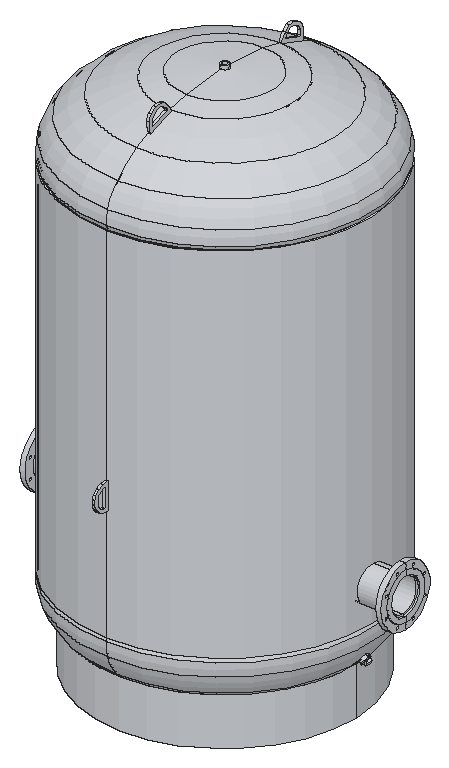
Revit family "CBT-850-6", category Generic Models, Revit 2014
Parameters (values of type "CBT-850-6")
  URL = "http://westank.com/"
  Tank Volume = 850.00 gal
  Part number = 55540850
  Model = "CBT-850-6"
  Maximum Shipping Weight = 1945 lbf
  Flange Connector Diameter = 6"
  Description = "Wessels ASME Chilled Water Buffer Tanks (CBT) are designed for chilled water systems with insufficient water volume capacity in relation to the chiller capacity."
  D = 23"
  C = 48"
  B = 97.99632"
  A = 54"
Reference planes (in)
  plane 1 "Center (Front/Back)": y = 0
  plane 2: z = 0
  plane 3 "Center (Left/Right)": x = 0
  plane 4: through (12.55282, -180, 5.24135) normal (0.8192, 0, -0.5736)
  plane 5: z = 0
  plane 6: x = -0.0258
  plane 7: x = -27
  plane 8: x = 27
  plane 9: x = -24
  plane 10: x = 24
  plane 11: z = 23
  plane 12: z = 97.99632
Forms (in)
  Revolve 1, solid
    sketch origin (0, -0.02461, 0) x (0, 1, 0) y (0, 0, 1)
      loop
        line (-26.97539, 16.49984) -> (-26.66078, 16.49984)
        arc (-26.66078, 16.49984) -> (-26.66309, 16.48381) -> (-26.66631, 16.46794) r 0.28141
        line (-26.66631, 16.46794) -> (-26.97466, 15.74151)
        arc (-26.97466, 15.74151) -> (-26.94018, 14.43758) -> (-26.668, 13.16191) r 7.10755
        arc (-26.668, 13.16191) -> (-25.77999, 11.13462) -> (-24.46831, 9.35194) r 10.01278
        arc (-24.46831, 9.35194) -> (-22.3909, 7.47847) -> (-20.00612, 6.01615) r 15.24472
        arc (-20.00612, 6.01615) -> (-17.66278, 4.91715) -> (-15.27807, 3.91108) r 65.85395
        arc (-15.27807, 3.91108) -> (-11.82013, 2.79593) -> (-8.24342, 2.15715) r 26.88855
        arc (-8.24342, 2.15715) -> (-4.34631, 1.67267) -> (-0.42253, 1.5111) r 47.59849
        arc (-0.42253, 1.5111) -> (-0.19896, 1.51161) -> (0.02461, 1.51099) r 43.89739
        line (0.02461, 1.51099) -> (0.02461, 1.86256)
        arc (0.02461, 1.86256) -> (-0.1994, 1.86318) -> (-0.4234, 1.86266) r 44.24896
        arc (-0.4234, 1.86266) -> (-4.32269, 2.02348) -> (-8.19539, 2.50555) r 47.24693
        arc (-8.19539, 2.50555) -> (-11.73033, 3.13587) -> (-15.14781, 4.23762) r 26.53699
        arc (-15.14781, 4.23762) -> (-17.51979, 5.23832) -> (-19.85062, 6.33145) r 65.50239
        arc (-19.85062, 6.33145) -> (-22.1804, 7.76005) -> (-24.2099, 9.59031) r 14.89316
        arc (-24.2099, 9.59031) -> (-25.47553, 11.3104) -> (-26.33236, 13.26651) r 9.66121
        arc (-26.33236, 13.26651) -> (-26.58754, 14.44985) -> (-26.62745, 15.65974) r 6.75598
        line (-26.62745, 15.65974) -> (-26.34269, 16.33057) -> (-26.2939, 16.53412) -> (-26.668, 16.53412) -> (-26.668, 82.97318) -> (-26.2939, 82.97318) -> (-26.34269, 83.17673) -> (-26.62745, 83.84756)
        arc (-26.62745, 83.84756) -> (-26.58754, 85.05744) -> (-26.33236, 86.24078) r 6.75598
        arc (-26.33236, 86.24078) -> (-25.47553, 88.1969) -> (-24.2099, 89.91698) r 9.66121
        arc (-24.2099, 89.91698) -> (-22.1804, 91.74725) -> (-19.85062, 93.17585) r 14.89316
        arc (-19.85062, 93.17585) -> (-17.51979, 94.26898) -> (-15.14781, 95.26968) r 65.50239
        arc (-15.14781, 95.26968) -> (-11.73033, 96.37143) -> (-8.19539, 97.00175) r 26.53699
        arc (-8.19539, 97.00175) -> (-4.10161, 97.54879) -> (0.02461, 97.72943) r 46.37627
        line (0.02461, 97.72943) -> (0.02461, 97.9963)
        arc (0.02461, 97.9963) -> (-0.19896, 97.99568) -> (-0.42253, 97.9962) r 43.89739
        arc (-0.42253, 97.9962) -> (-4.5967, 97.81991) -> (-8.73807, 97.26869) r 46.37627
        arc (-8.73807, 97.26869) -> (-10.60403, 96.89443) -> (-12.45302, 96.4438) r 46.28995
        arc (-12.45302, 96.4438) -> (-16.3131, 95.18115) -> (-20.00612, 93.49115) r 35.94821
        arc (-20.00612, 93.49115) -> (-22.3909, 92.02883) -> (-24.46831, 90.15536) r 15.24472
        arc (-24.46831, 90.15536) -> (-25.77999, 88.37268) -> (-26.668, 86.34538) r 10.01278
        arc (-26.668, 86.34538) -> (-26.94018, 85.06972) -> (-26.97466, 83.76579) r 7.10755
        line (-26.97466, 83.76579) -> (-26.66631, 83.03936)
        arc (-26.66631, 83.03936) -> (-26.66309, 83.02349) -> (-26.66078, 83.00745) r 0.28141
        line (-26.66078, 83.00745) -> (-26.97539, 83.00745) -> (-26.97539, 16.49984)
      axis (0.02461, 1.51099) -> (0.02461, 97.9963)
    angle from 0 to 360
  Revolve 2, solid
    sketch origin (0.05289, 0, -12.12844) x (0.999568, 0, -0.02939) y (0.02939, 0, 0.999568)
      loop
        line (24.95603, 23.79747) -> (24.90436, 23.83351) -> (24.49286, 23.24353) -> (25.10843, 22.81419) -> (25.48438, 23.35322) -> (25.43312, 23.38897) -> (25.55755, 23.56737) -> (25.04492, 23.92491) -> (24.95603, 23.79747)
      axis (24.49286, 23.24353) -> (25.10843, 22.81419)
    angle from 0 to 360
  Extrusion 3, solid
    sketch origin (25.28043, -180, 10.9329) x (0.595927, 0, 0.803038) y (0, -1, 0)
      loop
        line (-0.16036, -179.52645) -> (-0.95521, -179.68698) -> (-0.79485, -180.48095) -> (0, -180.32042) -> (-0.16036, -179.52645)
    from 1.02698 to 1.52678
  Extrusion 4, solid
    sketch origin (0, -15.00821, 15.98097) x (0, 1, 0) y (0, 0, 1)
      loop
        line (-11.93439, 21.33067) -> (-11.93439, 26.202)
        arc (-11.93439, 26.202) -> (-12.47846, 26.15164) -> (-13.01533, 26.05008) r 5.77422
        arc (-13.01533, 26.05008) -> (-13.49297, 25.89754) -> (-13.94252, 25.67548) r 3.35288
        arc (-13.94252, 25.67548) -> (-14.34081, 25.36666) -> (-14.64962, 24.96837) r 2.0073
        arc (-14.64962, 24.96837) -> (-14.80343, 24.58932) -> (-14.88788, 24.18906) r 2.30742
        arc (-14.88788, 24.18906) -> (-14.91277, 23.77188) -> (-14.88788, 23.3547) r 3.50846
        arc (-14.88788, 23.3547) -> (-14.79412, 22.92876) -> (-14.61961, 22.52904) r 2.24053
        arc (-14.61961, 22.52904) -> (-14.27401, 22.08806) -> (-13.80999, 21.77406) r 1.8078
        arc (-13.80999, 21.77406) -> (-13.34321, 21.55591) -> (-12.84107, 21.44044) r 2.44481
        arc (-12.84107, 21.44044) -> (-12.39043, 21.36326) -> (-11.93439, 21.33067) r 4.65484
      loop
        arc (-12.44611, 25.63929) -> (-12.67227, 25.60073) -> (-12.89654, 25.55235) r 5.2625
        arc (-12.89654, 25.55235) -> (-13.30128, 25.42308) -> (-13.68221, 25.23491) r 2.84116
        arc (-13.68221, 25.23491) -> (-13.97364, 25.01013) -> (-14.20134, 24.72098) r 1.49558
        arc (-14.20134, 24.72098) -> (-14.3163, 24.43235) -> (-14.37979, 24.12821) r 1.7957
        arc (-14.37979, 24.12821) -> (-14.40106, 23.77188) -> (-14.37979, 23.41555) r 2.99674
        arc (-14.37979, 23.41555) -> (-14.30745, 23.08689) -> (-14.17279, 22.77846) r 1.72881
        arc (-14.17279, 22.77846) -> (-13.91552, 22.45353) -> (-13.56884, 22.22643) r 1.29608
        arc (-13.56884, 22.22643) -> (-13.1779, 22.0402) -> (-12.75531, 21.94566) r 1.9331
        arc (-12.75531, 21.94566) -> (-12.60126, 21.91347) -> (-12.44611, 21.88716) r 4.14312
        line (-12.44611, 21.88716) -> (-12.44611, 25.63929)
    from -0.24366 to 0.25634
  Extrusion 5, solid
    sketch origin (0, -33.88542, 77.23871) x (0, 0.319235, -0.947675) y (0, 0.947675, 0.319235)
      loop
        arc (-11.9298, 25.67102) -> (-12.15596, 25.63246) -> (-12.38023, 25.58408) r 5.2625
        arc (-12.38023, 25.58408) -> (-12.78497, 25.45482) -> (-13.16591, 25.26664) r 2.84116
        arc (-13.16591, 25.26664) -> (-13.45733, 25.04186) -> (-13.68503, 24.75271) r 1.49558
        arc (-13.68503, 24.75271) -> (-13.8, 24.46408) -> (-13.86349, 24.15994) r 1.7957
        arc (-13.86349, 24.15994) -> (-13.88475, 23.80361) -> (-13.86349, 23.44728) r 2.99674
        arc (-13.86349, 23.44728) -> (-13.79114, 23.11862) -> (-13.65649, 22.81019) r 1.72881
        arc (-13.65649, 22.81019) -> (-13.39922, 22.48527) -> (-13.05253, 22.25816) r 1.29608
        arc (-13.05253, 22.25816) -> (-12.66159, 22.07193) -> (-12.239, 21.97739) r 1.9331
        arc (-12.239, 21.97739) -> (-12.08496, 21.94521) -> (-11.9298, 21.91889) r 4.14312
        line (-11.9298, 21.91889) -> (-11.9298, 25.67102)
      loop
        line (-10.9298, 21.34797) -> (-10.9298, 26.14148)
        arc (-10.9298, 26.14148) -> (-11.99706, 26.18465) -> (-13.02719, 25.90227) r 3.48194
        arc (-13.02719, 25.90227) -> (-13.54727, 25.6041) -> (-13.99851, 25.20943) r 3.03185
        arc (-13.99851, 25.20943) -> (-14.28248, 24.55653) -> (-14.39992, 23.8543) r 2.91879
        arc (-14.39992, 23.8543) -> (-14.3348, 23.1787) -> (-14.08611, 22.54717) r 2.44012
        arc (-14.08611, 22.54717) -> (-13.716, 22.08641) -> (-13.21844, 21.76749) r 1.83162
        arc (-13.21844, 21.76749) -> (-12.09799, 21.42749) -> (-10.9298, 21.34797) r 5.1769
    from -0.24366 to 0.25634
  Extrusion 6, solid
    sketch origin (0, 0, 0) x (1, 0, 0) y (0, 1, 0)
      loop
        circle (0, 0) r 0.75
      loop
        circle (0, 0) r 0.5
    from 97.72713 to 98.49629
  Extrusion 7, void
    sketch origin (0, 0, 0) x (1, 0, 0) y (0, 1, 0)
      loop
        circle (0, 0) r 0.5
    from 97.27456 to 99.34734
  Revolve 8, solid
    sketch origin (0, 0, 0) x (1, 0, 0) y (0, 0, 1)
      loop
        line (23.85455, 8.74984) -> (23.85455, 0) -> (23.99808, 0) -> (23.99808, 8.74984) -> (23.85455, 8.74984)
      axis (0, 8.74984) -> (0, 0)
    angle from 0 to 360
  Extrusion 9, void
    sketch origin (0, 0, 0.25) x (0, 1, 0) y (0, 0, 1)
      loop
        circle (0, 22.75) r 3.03266
    from -31.75655 to 32.4227
  Extrusion 10, solid
    sketch origin (0, 33.88542, 77.23871) x (0, -0.319235, -0.947675) y (0, 0.947675, -0.319235)
      loop
        line (-11.9298, -25.67102) -> (-11.9298, -21.91889)
        arc (-11.9298, -21.91889) -> (-12.08496, -21.94521) -> (-12.239, -21.97739) r 4.14312
        arc (-12.239, -21.97739) -> (-12.66159, -22.07193) -> (-13.05253, -22.25816) r 1.9331
        arc (-13.05253, -22.25816) -> (-13.39922, -22.48527) -> (-13.65649, -22.81019) r 1.29608
        arc (-13.65649, -22.81019) -> (-13.79114, -23.11862) -> (-13.86349, -23.44728) r 1.72881
        arc (-13.86349, -23.44728) -> (-13.88475, -23.80361) -> (-13.86349, -24.15994) r 2.99674
        arc (-13.86349, -24.15994) -> (-13.8, -24.46408) -> (-13.68503, -24.75271) r 1.7957
        arc (-13.68503, -24.75271) -> (-13.45733, -25.04186) -> (-13.16591, -25.26664) r 1.49558
        arc (-13.16591, -25.26664) -> (-12.78497, -25.45482) -> (-12.38023, -25.58408) r 2.84116
        arc (-12.38023, -25.58408) -> (-12.15596, -25.63246) -> (-11.9298, -25.67102) r 5.2625
      loop
        arc (-10.9298, -21.34797) -> (-12.09799, -21.42749) -> (-13.21844, -21.76749) r 5.1769
        arc (-13.21844, -21.76749) -> (-13.716, -22.08641) -> (-14.08611, -22.54717) r 1.83162
        arc (-14.08611, -22.54717) -> (-14.3348, -23.1787) -> (-14.39992, -23.8543) r 2.44012
        arc (-14.39992, -23.8543) -> (-14.28248, -24.55653) -> (-13.99851, -25.20943) r 2.91879
        arc (-13.99851, -25.20943) -> (-13.54727, -25.6041) -> (-13.02719, -25.90227) r 3.03185
        arc (-13.02719, -25.90227) -> (-11.99706, -26.18465) -> (-10.9298, -26.14148) r 3.48194
        line (-10.9298, -26.14148) -> (-10.9298, -21.34797)
    from -0.24366 to 0.25634
  Revolve 11, solid
    sketch origin (-3.00177, 0, 1.25063) x (-1, 0, 0) y (0, 0, 1)
      loop
        line (28.43827, 18.43777) -> (28.43827, 17.96852) -> (29.00077, 17.96852) -> (29.00077, 16.24955) -> (29.93827, 16.24955) -> (29.93827, 17.49936) -> (30.00086, 17.49936) -> (30.00086, 18.43777) -> (28.43827, 18.43777)
      axis (30.00086, 21.74937) -> (28.43827, 21.74937)
    angle from 0 to 360
  Revolve 12, solid
    sketch origin (-3.60333, 0, 1.22133) x (1, 0, 0) y (0, 0, 1)
      loop
        line (-28.89921, 18.746) -> (-28.89921, 18.46617) -> (-21.89921, 18.46617) -> (-21.89921, 18.746) -> (-28.89921, 18.746)
      axis (-28.89921, 21.77867) -> (-21.89921, 21.77867)
    angle from 0 to 360
  Extrusion 13, void
    sketch origin (0, 0, 0) x (0, 1, 0) y (0, 0, 1)
      loop
        circle (1.82465, 27.40008) r 0.38686
      loop
        circle (1.82465, 18.59992) r 0.38686
      loop
        circle (-1.82465, 27.40008) r 0.38686
      loop
        circle (-1.82465, 18.59992) r 0.38686
      loop
        circle (4.38432, 24.82196) r 0.38686
      loop
        circle (4.39214, 21.18133) r 0.38686
      loop
        circle (-4.38432, 24.82196) r 0.38686
      loop
        circle (-4.39214, 21.18133) r 0.38686
    from -33.83575 to -30.82973
  Revolve 14, solid
    sketch origin (3.00177, 0, 1.25063) x (1, 0, 0) y (0, 0, 1)
      loop
        line (28.43827, 18.43777) -> (28.43827, 17.96852) -> (29.00077, 17.96852) -> (29.00077, 16.24955) -> (29.93827, 16.24955) -> (29.93827, 17.49936) -> (30.00086, 17.49936) -> (30.00086, 18.43777) -> (28.43827, 18.43777)
      axis (30.00086, 21.74937) -> (28.43827, 21.74937)
    angle from 0 to 360
  Revolve 15, solid
    sketch origin (3.60333, 0, 1.22133) x (-1, 0, 0) y (0, 0, 1)
      loop
        line (-28.89921, 18.746) -> (-28.89921, 18.46617) -> (-21.89921, 18.46617) -> (-21.89921, 18.746) -> (-28.89921, 18.746)
      axis (-28.89921, 21.77867) -> (-21.89921, 21.77867)
    angle from 0 to 360
  Extrusion 16, void
    sketch origin (0, 0, 0) x (0, 1, 0) y (0, 0, -1)
      loop
        circle (1.82465, -27.40008) r 0.38686
      loop
        circle (1.82465, -18.59992) r 0.38686
      loop
        circle (-1.82465, -27.40008) r 0.38686
      loop
        circle (-1.82465, -18.59992) r 0.38686
      loop
        circle (4.38432, -24.82196) r 0.38686
      loop
        circle (4.39214, -21.18133) r 0.38686
      loop
        circle (-4.38432, -24.82196) r 0.38686
      loop
        circle (-4.39214, -21.18133) r 0.38686
    from -33.83575 to -30.82973
Cuts and joins
  joined: Extrusion 3, Extrusion 4, Extrusion 5, Extrusion 6, Revolve 8
  Extrusion 7, Extrusion 9 cuts Revolve 1
  Extrusion 13, Extrusion 16 cuts Revolve 11
  Extrusion 16 cuts Revolve 14
Dimensions and locks (in)
  "A": plane 8 to plane 7
  "C": plane 10 to plane 9
  "D": plane 11 to level
  "B": plane 12 to level
  aligned and locked: plane 2 to level
Automatic sketch dimensions
  plane 10 to Revolve 2 sketch curve = 1.21829"
  plane 4 to Revolve 2 sketch curve = 7.42455"
  Revolve 2 sketch curve to Revolve 2 sketch curve = 0.4115"
  Revolve 2 sketch curve to Revolve 2 sketch curve = 0.05167"
  Revolve 2 sketch curve to Revolve 2 sketch curve = 0.08888"
  Revolve 2 sketch curve to Revolve 2 sketch curve = 0.61556"
  Revolve 2 sketch curve to Revolve 2 sketch curve = 0.47709"
  Revolve 2 sketch curve to Revolve 2 sketch curve = 0.05126"
  Revolve 2 sketch curve to Revolve 2 sketch curve = 0.42934"
  Revolve 2 sketch curve to Revolve 2 sketch curve = 0.12768"
  Revolve 2 sketch curve to Revolve 2 sketch curve = 0"  (x2)
  Revolve 2 sketch curve to Revolve 2 sketch curve = 0.08905"
  plane 1 "Center (Front/Back)" to Extrusion 3 sketch curve = 0.31302"
  Extrusion 3 sketch curve to plane 1 "Center (Front/Back)" = 0.48095"
  Extrusion 3 sketch curve to Extrusion 3 sketch curve = 0.16036"  (x2)
  plane 1 "Center (Front/Back)" to Extrusion 3 sketch curve = 0.47355"
  Extrusion 3 sketch curve to Extrusion 3 sketch curve = 0.79485"
  Extrusion 3 sketch curve to plane 1 "Center (Front/Back)" = 0.32042"
  Extrusion 4 sketch curve to Extrusion 4 sketch curve = 0"  (x24)
  plane 1 "Center (Front/Back)" to Extrusion 4 sketch curve = 28.04931"
  Extrusion 4 sketch curve to Extrusion 4 sketch curve = 0.11966"
  Extrusion 4 sketch curve to Extrusion 4 sketch curve = 0.25819"
  Extrusion 4 sketch curve to Extrusion 4 sketch curve = 17/256"
  Extrusion 4 sketch curve to Extrusion 4 sketch curve = 0.04958"
  Extrusion 4 sketch curve to Extrusion 4 sketch curve = 0.15073"
  Extrusion 4 sketch curve to Extrusion 4 sketch curve = 0.20915"
  Extrusion 4 sketch curve to Extrusion 4 sketch curve = 131/256"
  Extrusion 4 sketch curve to Extrusion 4 sketch curve = 0.10338"
  Extrusion 4 sketch curve to Extrusion 4 sketch curve = 0.25955"
  Extrusion 4 sketch curve to Extrusion 4 sketch curve = 1.14294"
  plane 11 to Extrusion 4 sketch curve = 13.41459"
  Extrusion 4 sketch curve to Extrusion 4 sketch curve = 0.89706"
  Extrusion 4 sketch curve to Extrusion 4 sketch curve = 0.55648"
  Extrusion 4 sketch curve to Extrusion 4 sketch curve = 0.90165"
  Extrusion 4 sketch curve to Extrusion 4 sketch curve = 0.62139"
  Extrusion 4 sketch curve to Extrusion 4 sketch curve = 27/128"
  Extrusion 4 sketch curve to Extrusion 4 sketch curve = 0.15076"
  Extrusion 4 sketch curve to Extrusion 4 sketch curve = 0.24641"
  Extrusion 4 sketch curve to Extrusion 4 sketch curve = 0.04716"
  Extrusion 4 sketch curve to Extrusion 4 sketch curve = 0.0326"
  Extrusion 4 sketch curve to Extrusion 4 sketch curve = 1.7246"
  Extrusion 4 sketch curve to Extrusion 4 sketch curve = 0.34507"
  Extrusion 4 sketch curve to Extrusion 4 sketch curve = 0.21764"
  Extrusion 4 sketch curve to Extrusion 4 sketch curve = 1.12273"
  Extrusion 4 sketch curve to Extrusion 4 sketch curve = 0.78568"
  Extrusion 4 sketch curve to Extrusion 4 sketch curve = 0.24115"
  Extrusion 4 sketch curve to Extrusion 4 sketch curve = 0.2603"
  Extrusion 4 sketch curve to Extrusion 4 sketch curve = 0.60395"
  Extrusion 4 sketch curve to Extrusion 4 sketch curve = 0.51913"
  Extrusion 4 sketch curve to Extrusion 4 sketch curve = 0.44682"
  Extrusion 4 sketch curve to Extrusion 4 sketch curve = 0.44829"
  Extrusion 6 sketch curve to Extrusion 6 sketch curve = 0"  (x2)
  plane 1 "Center (Front/Back)" to Extrusion 6 sketch curve = 0"
  Extrusion 6 sketch curve to plane 3 "Center (Left/Right)" = 0"
  Extrusion 7 sketch curve to Extrusion 7 sketch curve = 0"  (x2)
  plane 1 "Center (Front/Back)" to Extrusion 7 sketch curve = 0"
  Extrusion 7 sketch curve to plane 3 "Center (Left/Right)" = 0"
  plane 6 to Extrusion 7 sketch curve = 0.4742"
  Revolve 8 sketch curve to plane 3 "Center (Left/Right)" = 0"
  Revolve 8 sketch curve to level = 0"
  Revolve 8 sketch curve to plane 10 = 0.14545"
  Revolve 8 sketch curve to plane 10 = 0.00192"
  level to Revolve 8 sketch curve = 8.74984"
  level to Revolve 8 sketch curve = 4.69941"
  Revolve 8 sketch curve to Revolve 8 sketch curve = 1"
  Extrusion 9 sketch curve to Extrusion 9 sketch curve = 0"  (x2)
  Extrusion 9 sketch curve to plane 1 "Center (Front/Back)" = 0"
  Extrusion 9 sketch curve to plane 11 = 0"
  Extrusion 9 sketch curve to Extrusion 9 sketch curve = 3.03266"
  Revolve 11 sketch curve to plane 11 = 0"
  plane 7 to Revolve 11 sketch curve = 4.44004"
  Revolve 11 sketch curve to Revolve 11 sketch curve = 9/16"
  Revolve 11 sketch curve to Revolve 11 sketch curve = 15/16"
  Revolve 11 sketch curve to Revolve 11 sketch curve = 0.06259"
  plane 11 to Revolve 11 sketch curve = 3.3116"
  Revolve 11 sketch curve to Revolve 11 sketch curve = 0.46925"
  Revolve 11 sketch curve to Revolve 11 sketch curve = 0.93841"
  Revolve 11 sketch curve to Revolve 11 sketch curve = 1.24981"
  Revolve 11 sketch curve to plane 7 = 41/128"
  Revolve 11 sketch curve to Revolve 11 sketch curve = 0.68278"
  Revolve 12 sketch curve to plane 11 = 0"
  Revolve 12 sketch curve to plane 7 = 5.50254"
  plane 7 to Revolve 12 sketch curve = 1.49746"
  Revolve 12 sketch curve to plane 11 = 3.03266"
  Revolve 12 sketch curve to Revolve 12 sketch curve = 0.27984"
  plane 7 to Revolve 12 sketch curve = 1"
  Revolve 12 sketch curve to Revolve 12 sketch curve = 0.36015"
  Extrusion 13 sketch curve to plane 11 = 1.81867"  (x2)
  plane 1 "Center (Front/Back)" to Extrusion 13 sketch curve = 4.39214"
  Extrusion 13 sketch curve to Extrusion 13 sketch curve = 1/128"  (x2)
  plane 1 "Center (Front/Back)" to Extrusion 13 sketch curve = 1.82465"  (x2)
  Extrusion 13 sketch curve to plane 1 "Center (Front/Back)" = 1.82465"  (x2)
  Extrusion 13 sketch curve to Extrusion 13 sketch curve = 2.55967"
  Extrusion 13 sketch curve to Extrusion 13 sketch curve = 2.58141"  (x2)
  plane 11 to Extrusion 13 sketch curve = 1.82196"  (x2)
  Extrusion 13 sketch curve to Extrusion 13 sketch curve = 2 37/64"  (x2)
  Revolve 14 sketch curve to plane 11 = 0"
  plane 8 to Revolve 14 sketch curve = 4.44004"
  Revolve 14 sketch curve to Revolve 14 sketch curve = 9/16"
  Revolve 14 sketch curve to Revolve 14 sketch curve = 15/16"
  Revolve 14 sketch curve to Revolve 14 sketch curve = 0.06259"
  Revolve 14 sketch curve to plane 11 = 3.3116"
  Revolve 14 sketch curve to Revolve 14 sketch curve = 0.46925"
  Revolve 14 sketch curve to Revolve 14 sketch curve = 0.93841"
  Revolve 14 sketch curve to Revolve 14 sketch curve = 1.24981"
  Revolve 14 sketch curve to plane 8 = 41/128"
  Revolve 14 sketch curve to Revolve 14 sketch curve = 0.68278"
  Revolve 15 sketch curve to plane 11 = 0"
  Revolve 15 sketch curve to plane 8 = 5.50254"
  plane 8 to Revolve 15 sketch curve = 1.49746"
  plane 11 to Revolve 15 sketch curve = 3.03266"
  Revolve 15 sketch curve to Revolve 15 sketch curve = 0.27984"
  plane 8 to Revolve 15 sketch curve = 1"
  Revolve 15 sketch curve to Revolve 15 sketch curve = 0.36015"
  Extrusion 16 sketch curve to plane 11 = 1.81867"  (x2)
  plane 1 "Center (Front/Back)" to Extrusion 16 sketch curve = 4.39214"
  Extrusion 16 sketch curve to Extrusion 16 sketch curve = 1/128"  (x2)
  plane 1 "Center (Front/Back)" to Extrusion 16 sketch curve = 1.82465"  (x2)
  Extrusion 16 sketch curve to plane 1 "Center (Front/Back)" = 1.82465"  (x2)
  Extrusion 16 sketch curve to Extrusion 16 sketch curve = 2.55967"
  plane 11 to Extrusion 16 sketch curve = 1.82196"  (x2)
  Extrusion 16 sketch curve to Extrusion 16 sketch curve = 2 37/64"  (x2)
  Extrusion 16 sketch curve to Extrusion 16 sketch curve = 2.58141"  (x2)
  plane 1 "Center (Front/Back)" to Extrusion 10 sketch curve = 15.66843"
  Extrusion 10 sketch curve to Extrusion 10 sketch curve = 0.03301"
  Extrusion 10 sketch curve to Extrusion 10 sketch curve = 0.08665"
  Extrusion 10 sketch curve to Extrusion 10 sketch curve = 0.34483"
  Extrusion 10 sketch curve to Extrusion 10 sketch curve = 17/256"
  Extrusion 10 sketch curve to Extrusion 10 sketch curve = 0.04958"
  Extrusion 10 sketch curve to Extrusion 10 sketch curve = 0.06885"
  Extrusion 10 sketch curve to Extrusion 10 sketch curve = 0.15073"
  Extrusion 10 sketch curve to Extrusion 10 sketch curve = 0.36028"
  Extrusion 10 sketch curve to Extrusion 10 sketch curve = 0.06601"
  Extrusion 10 sketch curve to Extrusion 10 sketch curve = 0.11815"
  Extrusion 10 sketch curve to Extrusion 10 sketch curve = 0.47821"
  Extrusion 10 sketch curve to Extrusion 10 sketch curve = 0.6151"
  Extrusion 10 sketch curve to Extrusion 10 sketch curve = 0.15011"
  Extrusion 10 sketch curve to Extrusion 10 sketch curve = 0.77126"
  Extrusion 10 sketch curve to Extrusion 10 sketch curve = 0.3849"
  Extrusion 10 sketch curve to Extrusion 10 sketch curve = 0.59588"
  Extrusion 10 sketch curve to Extrusion 10 sketch curve = 0.3061"
  Extrusion 10 sketch curve to Extrusion 10 sketch curve = 0.31529"
  Extrusion 10 sketch curve to Extrusion 10 sketch curve = 0.0954"
  Extrusion 10 sketch curve to Extrusion 10 sketch curve = 0.80625"
  Extrusion 10 sketch curve to Extrusion 10 sketch curve = 0.57092"
  Extrusion 10 sketch curve to Extrusion 10 sketch curve = 0.88262"
  Extrusion 10 sketch curve to Extrusion 10 sketch curve = 0.00686"
  Extrusion 10 sketch curve to Extrusion 10 sketch curve = 0.20406"
  Extrusion 10 sketch curve to Extrusion 10 sketch curve = 0.59172"
  Extrusion 10 sketch curve to Extrusion 10 sketch curve = 0.09548"
  Extrusion 10 sketch curve to Extrusion 10 sketch curve = 0.07607"
  Extrusion 10 sketch curve to Extrusion 10 sketch curve = 0.15093"
  Extrusion 10 sketch curve to Extrusion 10 sketch curve = 0.04716"
  Extrusion 10 sketch curve to Extrusion 10 sketch curve = 0.0326"
  Extrusion 10 sketch curve to Extrusion 10 sketch curve = 1.7246"
  Extrusion 10 sketch curve to Extrusion 10 sketch curve = 0.34507"
  Extrusion 10 sketch curve to Extrusion 10 sketch curve = 0.12538"
  Extrusion 10 sketch curve to Extrusion 10 sketch curve = 0.37807"
  Extrusion 10 sketch curve to Extrusion 10 sketch curve = 0"  (x6)
  Extrusion 10 sketch curve to Extrusion 10 sketch curve = 0.1659"
  Extrusion 10 sketch curve to Extrusion 10 sketch curve = 0.13872"
  Extrusion 10 sketch curve to Extrusion 10 sketch curve = 0.42962"
  Extrusion 10 sketch curve to Extrusion 10 sketch curve = 0.51913"
  Extrusion 10 sketch curve to Extrusion 10 sketch curve = 0.31348"
  plane 1 "Center (Front/Back)" to Extrusion 5 sketch curve = 15.66843"
  Extrusion 5 sketch curve to Extrusion 5 sketch curve = 0.03301"
  Extrusion 5 sketch curve to Extrusion 5 sketch curve = 0.08665"
  Extrusion 5 sketch curve to Extrusion 5 sketch curve = 0.34483"
  Extrusion 5 sketch curve to Extrusion 5 sketch curve = 17/256"
  Extrusion 5 sketch curve to Extrusion 5 sketch curve = 0.04958"
  Extrusion 5 sketch curve to Extrusion 5 sketch curve = 0.06885"
  Extrusion 5 sketch curve to Extrusion 5 sketch curve = 0.15073"
  Extrusion 5 sketch curve to Extrusion 5 sketch curve = 0.36028"
  Extrusion 5 sketch curve to Extrusion 5 sketch curve = 0.06601"
  Extrusion 5 sketch curve to Extrusion 5 sketch curve = 0.11815"
  Extrusion 5 sketch curve to Extrusion 5 sketch curve = 0.47821"
  Extrusion 5 sketch curve to Extrusion 5 sketch curve = 0.6151"
  Extrusion 5 sketch curve to Extrusion 5 sketch curve = 0.15011"
  Extrusion 5 sketch curve to Extrusion 5 sketch curve = 0.77126"
  Extrusion 5 sketch curve to Extrusion 5 sketch curve = 0.3849"
  Extrusion 5 sketch curve to Extrusion 5 sketch curve = 0.59588"
  Extrusion 5 sketch curve to Extrusion 5 sketch curve = 0.3061"
  Extrusion 5 sketch curve to Extrusion 5 sketch curve = 0.31529"
  Extrusion 5 sketch curve to Extrusion 5 sketch curve = 0.0954"
  Extrusion 5 sketch curve to Extrusion 5 sketch curve = 0.80625"
  Extrusion 5 sketch curve to Extrusion 5 sketch curve = 0.57092"
  Extrusion 5 sketch curve to Extrusion 5 sketch curve = 0.88262"
  Extrusion 5 sketch curve to Extrusion 5 sketch curve = 0.00686"
  Extrusion 5 sketch curve to Extrusion 5 sketch curve = 0.20406"
  Extrusion 5 sketch curve to Extrusion 5 sketch curve = 0.59172"
  Extrusion 5 sketch curve to Extrusion 5 sketch curve = 0.09548"
  Extrusion 5 sketch curve to Extrusion 5 sketch curve = 0.07607"
  Extrusion 5 sketch curve to Extrusion 5 sketch curve = 0.15093"
  Extrusion 5 sketch curve to Extrusion 5 sketch curve = 0.04716"
  Extrusion 5 sketch curve to Extrusion 5 sketch curve = 0.0326"
  Extrusion 5 sketch curve to Extrusion 5 sketch curve = 1.7246"
  Extrusion 5 sketch curve to Extrusion 5 sketch curve = 0.34507"
  Extrusion 5 sketch curve to Extrusion 5 sketch curve = 0.12538"
  Extrusion 5 sketch curve to Extrusion 5 sketch curve = 0.37807"
  Extrusion 5 sketch curve to Extrusion 5 sketch curve = 0"  (x6)
  Extrusion 5 sketch curve to Extrusion 5 sketch curve = 0.1659"
  Extrusion 5 sketch curve to Extrusion 5 sketch curve = 0.13872"
  Extrusion 5 sketch curve to Extrusion 5 sketch curve = 0.42962"
  Extrusion 5 sketch curve to Extrusion 5 sketch curve = 0.51913"
  Extrusion 5 sketch curve to Extrusion 5 sketch curve = 0.31348"
  Revolve 1 sketch curve to Revolve 1 sketch curve = 0"  (x38)
  Revolve 1 sketch curve to plane 1 "Center (Front/Back)" = 0"  (x3)
  plane 1 "Center (Front/Back)" to Revolve 1 sketch curve = 0.03668"
  plane 1 "Center (Front/Back)" to Revolve 1 sketch curve = 0.23362"  (x2)
  plane 1 "Center (Front/Back)" to Revolve 1 sketch curve = 0.45236"
  plane 1 "Center (Front/Back)" to Revolve 1 sketch curve = 0.57935"
  Revolve 1 sketch curve to Revolve 1 sketch curve = 0.01523"
  plane 1 "Center (Front/Back)" to Revolve 1 sketch curve = 3.2494"
  plane 1 "Center (Front/Back)" to Revolve 1 sketch curve = 5.33981"  (x2)
  Revolve 1 sketch curve to plane 11 = 3.31152"
  Revolve 1 sketch curve to Revolve 1 sketch curve = 7.94787"  (x2)
  Revolve 1 sketch curve to Revolve 1 sketch curve = 3.84561"  (x2)
  Revolve 1 sketch curve to Revolve 1 sketch curve = 2.77366"  (x2)
  Revolve 1 sketch curve to Revolve 1 sketch curve = 6.41156"  (x2)
  Revolve 1 sketch curve to plane 11 = 6.66943"
  Revolve 1 sketch curve to Revolve 1 sketch curve = 0.0488"  (x2)
  Revolve 1 sketch curve to plane 11 = 7.34026"
  Revolve 1 sketch curve to Revolve 1 sketch curve = 0.28475"  (x2)
  Revolve 1 sketch curve to Revolve 1 sketch curve = 0.31809"  (x2)
  Revolve 1 sketch curve to Revolve 1 sketch curve = 0.00553"  (x2)
  Revolve 1 sketch curve to plane 11 = 6.53206"
  Revolve 1 sketch curve to Revolve 1 sketch curve = 0.00722"
  Revolve 1 sketch curve to Revolve 1 sketch curve = 0.27236"  (x2)
  Revolve 1 sketch curve to Revolve 1 sketch curve = 0.34721"  (x2)
  Revolve 1 sketch curve to plane 11 = 7.25849"
  Revolve 1 sketch curve to Revolve 1 sketch curve = 0.03503"
  Revolve 1 sketch curve to plane 1 "Center (Front/Back)" = 9.09782"  (x2)
  Revolve 1 sketch curve to Revolve 1 sketch curve = 1.05396"
  level to Revolve 1 sketch curve = 1.86256"
  Revolve 1 sketch curve to Revolve 1 sketch curve = 45/128"
  Revolve 1 sketch curve to Revolve 1 sketch curve = 0.86439"  (x2)
  Revolve 1 sketch curve to Revolve 1 sketch curve = 0.03191"
  Revolve 1 sketch curve to Revolve 1 sketch curve = 0.20354"  (x2)
  plane 11 to Revolve 1 sketch curve = 5.88577"
  plane 11 to Revolve 1 sketch curve = 11.42957"
  Revolve 1 sketch curve to Revolve 1 sketch curve = 2.24359"
  Revolve 1 sketch curve to Revolve 1 sketch curve = 0.26694"
  Revolve 1 sketch curve to Revolve 1 sketch curve = 0.08497"
  Revolve 1 sketch curve to Revolve 1 sketch curve = 9.99518"
  Revolve 1 sketch curve to Revolve 1 sketch curve = 3.37746"
  Revolve 1 sketch curve to Revolve 1 sketch curve = 8.92126"
  Revolve 1 sketch curve to Revolve 1 sketch curve = 9.19729"
  Revolve 1 sketch curve to Revolve 1 sketch curve = 0.00227"
  Revolve 1 sketch curve to Revolve 1 sketch curve = 3.54747"
  Revolve 1 sketch curve to Revolve 1 sketch curve = 0.26687"
  plane 1 "Center (Front/Back)" to Revolve 1 sketch curve = 0.44714"  (x2)
  Revolve 1 sketch curve to Revolve 1 sketch curve = 0.00087"
  Revolve 1 sketch curve to Revolve 1 sketch curve = 0.54267"
  level to Revolve 1 sketch curve = 2.50555"
  Revolve 1 sketch curve to Revolve 1 sketch curve = 0.04803"
  Revolve 1 sketch curve to Revolve 1 sketch curve = 2.69478"
  Revolve 1 sketch curve to Revolve 1 sketch curve = 0.1555"
  Revolve 1 sketch curve to Revolve 1 sketch curve = 0.25841"
  Revolve 1 sketch curve to Revolve 1 sketch curve = 0.00731"
  Revolve 1 sketch curve to Revolve 1 sketch curve = 3 3/4"
  Revolve 1 sketch curve to level = 42.38578"
  Revolve 1 sketch curve to Revolve 1 sketch curve = 16.4665"
  Revolve 1 sketch curve to Revolve 1 sketch curve = 3.2676"
  Revolve 1 sketch curve to Revolve 1 sketch curve = 0.03427"
  Revolve 1 sketch curve to Revolve 1 sketch curve = 0.75834"
  Revolve 1 sketch curve to Revolve 1 sketch curve = 0.08177"
  plane 11 to Extrusion 5 sketch curve = 73.59164"
  Extrusion 10 sketch curve to plane 11 = 73.59164"
  radius of Extrusion 6 sketch curve = 3/4"
  radius of Extrusion 6 sketch curve = 1/2"
  radius of Extrusion 13 sketch curve = 0.38686"  (x8)
  radius of Extrusion 16 sketch curve = 0.38686"  (x8)
Connectors (in)
  piping at (-33.00263, 0, 23), diameter 6, driven by "Flange Connector Diameter"
    settings: on Revolve 11, index 2, connector inside diameter 24", connector length 0", flow factor 0, pipe flow 0 GPM, pressure drop 0.00 psi, fitting loss kfactor 0, connector angle 0.00°, fixture units 0, engagement length 0", angle of deflection 0.00°, flow configuration 0, flow direction 0, fitting loss method 0, system type 7, joint type 0, gender type 0, connector reference index 3, connector utility 0, adjustable connector no, is connector primary yes, connector description ""
  piping at (33.00263, 0, 23), diameter 6, driven by "Flange Connector Diameter"
    settings: on cut or joined group of Revolve 14, Extrusion 16, index 3, connector inside diameter 24", connector length 0", flow factor 0, pipe flow 0 GPM, pressure drop 0.00 psi, fitting loss kfactor 0, connector angle 0.00°, fixture units 0, engagement length 0", angle of deflection 0.00°, flow configuration 0, flow direction 0, fitting loss method 0, system type 7, joint type 0, gender type 0, connector reference index 2, connector utility 0, adjustable connector no, is connector primary no, connector description ""
